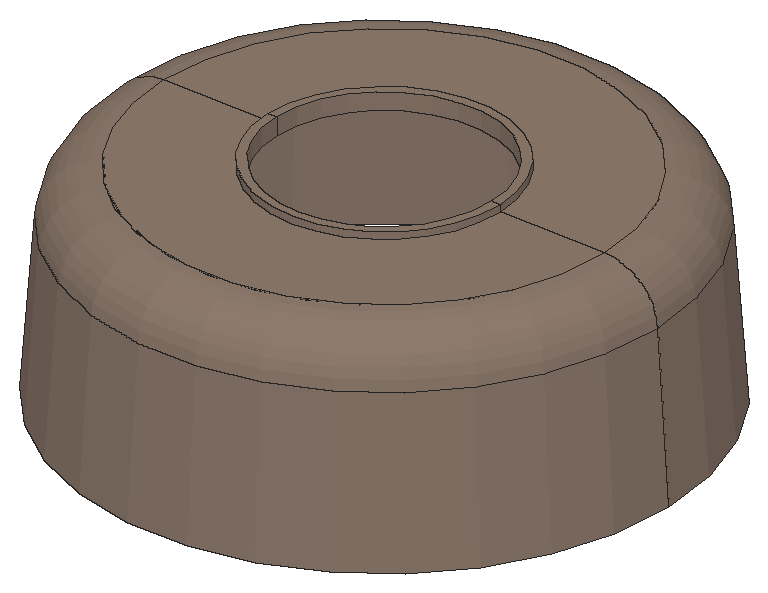
Revit family "CCS1301", category Generic Models, Revit 2014
Parameters
  SHELL = Bronze, Architectural
Reference planes (in)
  plane 1 "Center (Front/Back)": y = 0
  plane 2: z = 0
  plane 3 "Center (Left/Right)": x = 0
Forms (in)
  Revolve 1, solid, material "Bronze, Architectural" <- "SHELL"
    sketch origin (0, 0, 0) x (1, 0, 0) y (0, 0, 1)
      loop
        line (-2.19362, 3.875) -> (-4.16404, 3.875)
        arc (-4.16404, 3.875) -> (-4.84512, 3.60721) -> (-5.16143, 2.94727) r 1
        line (-5.16143, 2.94727) -> (-5.375, 0) -> (-5.18651, 0) -> (-4.97392, 2.93369)
        arc (-4.97392, 2.93369) -> (-4.71708, 3.46956) -> (-4.16404, 3.687) r 0.812
        line (-4.16404, 3.687) -> (-2.03125, 3.687) -> (-2.03125, 4) -> (-2.19362, 4) -> (-2.19362, 3.875)
      axis (0, 4) -> (0, 0)
    angle from 0 to 360
Dimensions and locks (in)
  aligned and locked: plane 2 to level
